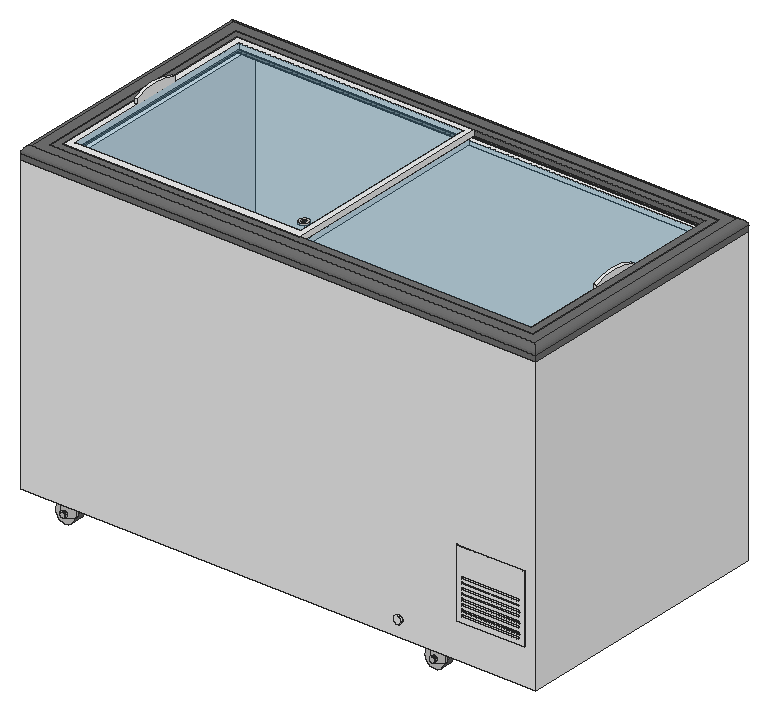
Revit family "Qf_Summit_NOVA45_15 Cu.Ft. Chest Freezer", category Specialty Equipment, Revit 2020
Family settings
  Round Connector Dimension = Use Diameter
  Part Type = Normal
  Work Plane-Based = No
  Always vertical = Yes
  Cut with Voids When Loaded = No
  Shared = No
  Room Calculation Point = No
Parameters
  Weight in Pounds = 135
  Watts = FL Amps * Volts  # 828 W
  Volts = 115 V
  URL Cutsheet = ""
  Specification by User = ""
  Specification by Manufacturer = ""
  Show Clearance [instance] = yes
  Serial Number = ""
  Seismic Rating = ""
  SMACNA No = ""
  Revision Code = ""
  Refrigerant Volume = 0.00 kip
  Refrigerant Type = "R290a"
  Phase = 1
  Number of Poles = 1
  NAFEM Spec ID Number = ""
  Model = "NOVA45"
  Min Ckt Ampacity = 0 A
  Max Overcurrent Protection = 0 A
  Masterspec = ""
  Manufacturer = "Summit"
  Length = 53"
  Item Number = ""
  Installed By = ""
  Identify Quantity as Lot = yes
  Height = 34 1/4"
  HP = ""
  Furnished By = ""
  Foodservice Equipment Identifier = yes
  FL Amps = 7.2 A
  Electrical Remarks = ""
  Electric Connection Type = ""
  Elec Conn RI Height = 0"
  Elec Conn Connection Height = 0"
  Description = "15 Cu.Ft. Chest Freezer"
  Depth = 27 1/4"
  Default Elevation = 0"
  Cycle = 60 Hz
  Conn Plug = ""
  Conn Conduit = yes
  CSI MasterFormat = ""
  Apparent Power = 828 VA
Reference planes (in)
  plane 1: z = 0
  plane 2 "LEFT": x = 0
  plane 3 "RIGHT": x = 53
  plane 4 "FRONT": y = -28
  plane 5 "TOP": z = 34.25
  plane 6 "Center Y": x = 26.5
  plane 7 "Center X": y = -14.375
  plane 8 "BACK": y = -0.75
  plane 9: z = 2.75
  plane 10: x = 0.75
  plane 11: x = 3.71343
  plane 12: x = 41.6875
  plane 13: x = 39.825
  plane 14: x = 31.95
  plane 15: x = 3.125
  plane 16: x = 49.875
  plane 17: z = 5.875
  plane 18: z = 15.625
  plane 19: x = 42
Forms (in)
  Sweep 1, solid, material "QF_Plastic_Dark_Grey"
    path origin (0, 0, 0) x (1, 0, 0) y (0, 1, 0)
      loop
        line (0, -0.75) -> (0, -28) -> (53, -28) -> (53, -0.75) -> (0, -0.75)
    profile origin (0, -14.375, 0) x (1, 0, 0) y (0, 0, 1)
      loop
        line (0, 33) -> (1.7, 33) -> (1.7, 34.25) -> (0.75, 34.25) -> (0.67874, 34.25)
        arc (0.67874, 34.25) -> (0.1988, 34.0512) -> (0, 33.57126) r 0.67874
        line (0, 33.57126) -> (0, 33)
  Extrusion 2, solid, material "QF_Metallic_Paint_White_Smooth"
    sketch origin (0, 0, 0) x (1, 0, 0) y (0, 1, 0)
      loop
        line (3.125, -27) -> (49.875, -27) -> (49.875, -1.75) -> (3.125, -1.75) -> (3.125, -27)
      loop
        line (53, -0.75) -> (0, -0.75) -> (0, -28) -> (53, -28) -> (53, -0.75)
    from 2.75 to 33
  Extrusion 3, solid, material "QF_Metallic_Paint_White_Smooth"
    sketch origin (0, 0, 0) x (1, 0, 0) y (0, 1, 0)
      loop
        line (2.4, -3.15) -> (2.4, -25.6) -> (26.75, -25.6) -> (26.75, -3.15) -> (2.4, -3.15)
      loop
        line (3.075, -3.8) -> (3.075, -24.8) -> (26.25, -24.8) -> (26.25, -3.8) -> (3.075, -3.8)
    from 33.70906 to 34.25
  Extrusion 4, solid, material "Glass"
    sketch origin (0, 0, 0) x (1, 0, 0) y (0, 1, 0)
      loop
        line (3.075, -3.8) -> (3.075, -24.8) -> (26.25, -24.8) -> (26.25, -3.8) -> (3.075, -3.8)
    from 33.63932 to 34.25
  Extrusion 5, solid, material "QF_Metallic_Paint_White_Smooth"
    sketch origin (0, -0.75, 0) x (1, 0, 0) y (0, 0, 1)
      loop
        line (1, 5.875) -> (1, 2.75) -> (52, 2.75) -> (52, 15.625) -> (42, 15.625) -> (42, 5.875) -> (1, 5.875)
    from 1 to 26.25
  Sweep 6, solid, material "QF_Plastic_Dark_Grey"
    path origin (30, 0, 34.27864) x (-1, 0, 0) y (0, -1, 0)
      loop
        line (27.7, 3.05) -> (27.7, 25.7) -> (-20.7, 25.7) -> (-20.7, 3.05) -> (27.7, 3.05)
    profile origin (26.5, -3.05, 34.27864) x (0, 1, 0) y (0, 0, 1)
      loop
        line (-0.1, -0.02864) -> (-0.1, -0.56958) -> (-0.33757, -0.56958) -> (-0.33757, -0.63932) -> (-0.1, -0.63932) -> (-0.1, -1.18026) -> (-0.33757, -1.18026) -> (-0.33757, -1.27864) -> (0.6, -1.27864) -> (0.6, -0.02864) -> (-0.1, -0.02864)
  Extrusion 7, solid, material "QF_Metallic_Paint_White_Smooth"
    sketch origin (30, 0, -0.61068) x (-1, 0, 0) y (0, -1, 0)
      loop
        line (-20.6, 3.15) -> (3.75, 3.15) -> (3.75, 25.45) -> (-20.6, 25.45) -> (-20.6, 3.15)
      loop
        line (-19.925, 3.8) -> (3.25, 3.8) -> (3.25, 24.8) -> (-19.925, 24.8) -> (-19.925, 3.8)
    from 33.70906 to 34.25
  Extrusion 8, solid, material "Glass"
    sketch origin (30, 0, -0.61068) x (-1, 0, 0) y (0, -1, 0)
      loop
        line (-19.925, 3.8) -> (3.25, 3.8) -> (3.25, 24.8) -> (-19.925, 24.8) -> (-19.925, 3.8)
    from 33.70906 to 34.25
  Extrusion 9, solid, material "QF_Metallic_Paint_White_Smooth"
    sketch origin (23.88, 0, 0) x (0, 1, 0) y (0, 0, 1)
      loop
        line (-16.73455, 34.25) -> (-12.01545, 34.25) -> (-12.01545, 34.75)
        arc (-12.01545, 34.75) -> (-14.375, 35.25) -> (-16.73455, 34.75) r 5.8175
        line (-16.73455, 34.75) -> (-16.73455, 34.25)
    from -21.14359 to -20.805
  Extrusion 10, solid, material "QF_Metallic_Paint_White_Smooth"
    sketch origin (6.12, 0, -0.61068) x (0, 1, 0) y (0, 0, -1)
      loop
        line (-16.73455, -34.25) -> (-16.73455, -34.75)
        arc (-16.73455, -34.75) -> (-14.375, -35.25) -> (-12.01545, -34.75) r 5.8175
        line (-12.01545, -34.75) -> (-12.01545, -34.25) -> (-16.73455, -34.25)
    from -44.14359 to -43.805
  Extrusion 11, solid, material "QF_Metallic_Paint_White_Smooth"
    sketch origin (0, -28, 0) x (1, 0, 0) y (0, 0, 1)
      loop
        line (44.875, 13.375) -> (44.875, 6.375) -> (51.875, 6.375) -> (51.875, 13.375) -> (44.875, 13.375)
      loop
        line (45.375, 10.625) -> (45.375, 10.375) -> (51.375, 10.375) -> (51.375, 10.625) -> (45.375, 10.625)
      loop
        line (51.375, 10.125) -> (45.375, 10.125) -> (45.375, 9.875) -> (51.375, 9.875) -> (51.375, 10.125)
      loop
        line (45.375, 9.625) -> (45.375, 9.375) -> (51.375, 9.375) -> (51.375, 9.625) -> (45.375, 9.625)
      loop
        line (51.375, 9.125) -> (45.375, 9.125) -> (45.375, 8.875) -> (51.375, 8.875) -> (51.375, 9.125)
      loop
        line (45.375, 8.625) -> (45.375, 8.375) -> (51.375, 8.375) -> (51.375, 8.625) -> (45.375, 8.625)
      loop
        line (51.375, 8.125) -> (45.375, 8.125) -> (45.375, 7.875) -> (51.375, 7.875) -> (51.375, 8.125)
      loop
        line (45.375, 7.625) -> (45.375, 7.375) -> (51.375, 7.375) -> (51.375, 7.625) -> (45.375, 7.625)
      loop
        line (51.375, 7.125) -> (45.375, 7.125) -> (45.375, 6.875) -> (51.375, 6.875) -> (51.375, 7.125)
    from 0 to 0.03125
  Extrusion 12, solid, material "QF_Metallic_Paint_White_Smooth"
    sketch origin (0, -0.75, 0) x (1, 0, 0) y (0, 0, 1)
      loop
        circle (50, 5.375) r 0.25
    from 0 to -0.23344
  Extrusion 13, solid, material "QF_Metallic_Paint_White_Smooth"
    sketch origin (0, -28, 0) x (1, 0, 0) y (0, 0, 1)
      loop
        circle (38.875, 4.375) r 0.40028
    from 0 to 0.15886
  Extrusion 14, solid, material "QF_Metal - Stainless - Polished"
    sketch origin (0.07561, 0.09001, 34.25) x (1, 0, 0) y (0, 1, 0)
      loop
        circle (25.42439, -23.52751) r 0.5
      loop
        circle (25.42439, -23.52751) r 0.25
      loop
        arc (25.45564, -23.57767) -> (25.42439, -23.46841) -> (25.39314, -23.57767) r 0.0591
        line (25.39314, -23.57767) -> (25.39314, -23.72445)
        arc (25.39314, -23.72445) -> (25.42439, -23.7557) -> (25.45564, -23.72445) r 0.03125
        line (25.45564, -23.72445) -> (25.45564, -23.57767)
    from 0.04239 to -0.05358
Cuts and joins
  joined: Extrusion 2, Extrusion 5, Extrusion 11, Extrusion 12
  joined: Extrusion 3, Extrusion 9
  joined: Extrusion 7, Extrusion 10
Lines and regions (in)
  Split face 1
    outline origin (44.875, -28.03125, 13.375) x (-1, 0, 0) y (0, 0, -1)
      loop
        arc (-2, 1.7125) -> (-2.02929, 1.78321) -> (-2.1, 1.8125) r 0.1
        line (-2.1, 1.8125) -> (-4.9, 1.8125)
        arc (-4.9, 1.8125) -> (-4.97071, 1.78321) -> (-5, 1.7125) r 0.1
        line (-5, 1.7125) -> (-5, 0.6)
        arc (-5, 0.6) -> (-4.97071, 0.52929) -> (-4.9, 0.5) r 0.1
        line (-4.9, 0.5) -> (-2.1, 0.5)
        arc (-2.1, 0.5) -> (-2.02929, 0.52929) -> (-2, 0.6) r 0.1
        line (-2, 0.6) -> (-2, 1.7125)
  Split face 2
    outline origin (44.875, -28.03125, 13.375) x (-1, 0, 0) y (0, 0, -1)
      loop
        line (-2.625, 0.6875) -> (-2.625, 1.375) -> (-4.374, 1.375) -> (-4.374, 0.6875) -> (-2.625, 0.6875)
  Split face 3
    outline origin (44.875, -28.03125, 13.375) x (-1, 0, 0) y (0, 0, -1)
      loop
        arc (-2.4061, 0.67406) -> (-2.3125, 0.54855) -> (-2.2189, 0.67406) r 0.09766
        arc (-2.2189, 0.67406) -> (-2.24545, 0.75668) -> (-2.26367, 0.84152) r 0.87424
        line (-2.26367, 0.84152) -> (-2.26974, 0.93917) -> (-2.35526, 0.93917) -> (-2.36133, 0.84152)
        arc (-2.36133, 0.84152) -> (-2.37955, 0.75668) -> (-2.4061, 0.67406) r 0.87424
  Split face 4
    outline origin (44.875, -28.03125, 13.375) x (-1, 0, 0) y (0, 0, -1)
      loop
        line (-4.59026, 0.82885) -> (-4.6875, 0.81322) -> (-4.78474, 0.82885) -> (-4.6875, 0.66041) -> (-4.59026, 0.82885)
  Split face 5
    outline origin (44.875, -28.03125, 13.375) x (-1, 0, 0) y (0, 0, -1)
      loop
        line (-4.6875, 1.09273) -> (-4.59026, 1.07711) -> (-4.6875, 1.24554) -> (-4.78474, 1.07711) -> (-4.6875, 1.09273)
  Split face 6
    outline origin (44.875, -28.03125, 13.375) x (-1, 0, 0) y (0, 0, -1)
      loop
        arc (-4.67187, 1.54954) -> (-4.6875, 1.73573) -> (-4.70312, 1.54954) r 0.09375
        line (-4.70312, 1.54954) -> (-4.70312, 1.48913) -> (-4.67187, 1.48913) -> (-4.67187, 1.54954)
  symbolic lines
    curve 1: line (0, -0.75, 0) -> (53, -0.75, 0)
    curve 2: line (0, -28, 0) -> (0, -0.75, 0)
    curve 3: line (53, -28, 0) -> (0, -28, 0)
    curve 4: line (53, -0.75, 0) -> (53, -28, 0)
    curve 5: line (1.7, -26.3, 0) -> (51.3, -26.3, 0)
    curve 6: line (1.7, -2.45, 0) -> (1.7, -26.3, 0)
    curve 7: line (51.3, -2.45, 0) -> (1.7, -2.45, 0)
    curve 8: line (51.3, -26.3, 0) -> (51.3, -2.45, 0)
    curve 9: line (49.925, -3.8, 0) -> (26.75, -3.8, 0)
    curve 10: line (3.075, -3.8, 0) -> (3.075, -24.8, 0)
    curve 11: line (3.075, -24.8, 0) -> (26.25, -24.8, 0)
    curve 12: line (49.925, -24.8, 0) -> (49.925, -3.8, 0)
    curve 13: line (26.75, -25.6, 0) -> (26.75, -3.15, 0)
    curve 14: line (26.25, -24.8, 0) -> (26.25, -3.8, 0)
    curve 15: line (2.4, -3.15, 0) -> (2.4, -25.6, 0)
    curve 16: line (2.4, -25.6, 0) -> (50.6, -25.6, 0)
    curve 17: line (50.6, -25.6, 0) -> (50.6, -3.15, 0)
    curve 18: line (50.6, -3.15, 0) -> (2.4, -3.15, 0)
    curve 19: arc (26, -23.4375, 0) -> (25.5, -22.9375, 0) -> (25, -23.4375, 0) r 0.5
    curve 20: arc (25.25, -23.4375, 0) -> (25.5, -23.1875, 0) -> (25.75, -23.4375, 0) r 0.25
    curve 21: arc (25, -23.4375, 0) -> (25.5, -23.9375, 0) -> (26, -23.4375, 0) r 0.5
    curve 22: arc (25.75, -23.4375, 0) -> (25.5, -23.6875, 0) -> (25.25, -23.4375, 0) r 0.25
    curve 23: line (25.46875, -23.48766, 0) -> (25.46875, -23.63444, 0)
    curve 24: arc (25.46875, -23.63444, 0) -> (25.5, -23.66569, 0) -> (25.53125, -23.63444, 0) r 0.03125
    curve 25: line (25.53125, -23.63444, 0) -> (25.53125, -23.48766, 0)
    curve 26: arc (25.53125, -23.48766, 0) -> (25.5, -23.3784, 0) -> (25.46875, -23.48766, 0) r 0.0591
    curve 27: line (50.26359, -12.01545, 0) -> (49.925, -12.01545, 0)
    curve 28: line (49.925, -12.01545, 0) -> (49.925, -16.73455, 0)
    curve 29: line (49.925, -16.73455, 0) -> (50.26359, -16.73455, 0)
    curve 30: line (2.73641, -12.01545, 0) -> (2.73641, -16.73455, 0)
    curve 31: line (2.73641, -16.73455, 0) -> (3.075, -16.73455, 0)
    curve 32: line (3.075, -16.73455, 0) -> (3.075, -12.01545, 0)
    curve 33: line (3.075, -12.01545, 0) -> (2.73641, -12.01545, 0)
    curve 34: line (26.25, -3.8, 0) -> (3.075, -3.8, 0)
    curve 35: line (26.75, -24.8, 0) -> (49.925, -24.8, 0)
    curve 36: line (1, -1.75, 0) -> (1, -27, 0)
    curve 37: line (1, -27, 0) -> (52, -27, 0)
    curve 38: line (52, -1.75, 0) -> (52, -27, 0)
    curve 39: line (52, -1.75, 0) -> (1, -1.75, 0)
    curve 40: line (50.26359, -12.01545, 0) -> (50.26359, -16.73455, 0)
    curve 41: line (42, -3.8, 0) -> (42, -24.8, 0)
Dimensions and locks (in)
  equal spacing: plane 2 "LEFT", plane 6 "Center Y", plane 3 "RIGHT"
  "Length": plane 2 "LEFT" to plane 3 "RIGHT"
  equal spacing: plane 4 "FRONT", plane 7 "Center X", plane 8 "BACK"
  "Height": plane 5 "TOP" to level
  plane 3 "RIGHT" to plane 2 "LEFT" = 53"
  plane 5 "TOP" to level = 34 1/4"  (x2)
  "Depth": plane 4 "FRONT" to plane 8 "BACK"
  plane 9 to level = 2 3/4"
  locked: plane 11 to plane 2 "LEFT" at 3.71343
  locked: plane 3 "RIGHT" to plane 12 at 11.3125
  curve 34 to curve 11 = 21"
  plane 5 "TOP" to cut or joined group of Extrusion 2, Extrusion 5, Extrusion 11, Extrusion 12 = 31 1/2"
  Extrusion 2 sketch curve to plane 3 "RIGHT" = 3 1/8"
  plane 13 to Extrusion 5 sketch curve = 2.175"
  locked: Extrusion 5 sketch curve to plane 3 "RIGHT" at 1
  locked: Sweep 6 sketch curve to plane 3 "RIGHT" at 2.3
  Extrusion 3 sketch curve to plane 6 "Center Y" to Extrusion 3 sketch curve = 1/4" locked, 1/4" locked
  cut or joined group of Extrusion 7, Extrusion 10 to cut or joined group of Extrusion 7, Extrusion 10 to cut or joined group of Extrusion 7, Extrusion 10 to plane 3 "RIGHT" = 0" locked, 0.33859", 2.73641"
  cut or joined group of Extrusion 7, Extrusion 10 to cut or joined group of Extrusion 7, Extrusion 10 = 21"
  plane 15 to plane 16 = 46 3/4"
  locked: plane 18 to plane 17 at 9.75
  plane 17 to level = 5 7/8"
  locked: plane 16 to plane 19 at 7.875
  aligned and locked: level to plane 1
  aligned and locked: nested 1 to plane 11
  aligned and locked: nested 2 to plane 11
  aligned and locked: nested 3 to plane 12
  aligned and locked: nested 4 to plane 12
  aligned and locked: Extrusion 3 to Extrusion 4  (x3)
  aligned and locked: Extrusion 8 to Extrusion 7  (x3)
  aligned and locked: Extrusion 2 sketch curve to plane 3 "RIGHT"
  aligned and locked: Sweep 1 sketch curve to plane 3 "RIGHT"
  aligned and locked: cut or joined group of Extrusion 7, Extrusion 10 to cut or joined group of Extrusion 7, Extrusion 10
  aligned and locked: cut or joined group of Extrusion 2, Extrusion 5, Extrusion 11, Extrusion 12 to plane 19
  aligned and locked: plane 18 to cut or joined group of Extrusion 2, Extrusion 5, Extrusion 11, Extrusion 12
  aligned and locked: cut or joined group of Extrusion 2, Extrusion 5, Extrusion 11, Extrusion 12 to plane 16
  aligned and locked: cut or joined group of Extrusion 2, Extrusion 5, Extrusion 11, Extrusion 12 to plane 15
Automatic sketch dimensions
  Extrusion 9 sketch curve to plane 5 "TOP" = 0"
  Extrusion 9 sketch curve to plane 7 "Center X" = 0"
  Extrusion 9 sketch curve to plane 7 "Center X" = 2.35955"
  plane 5 "TOP" to Extrusion 9 sketch curve = 1/2"
  plane 7 "Center X" to Extrusion 9 sketch curve = 2.35955"
  Extrusion 9 sketch curve to plane 5 "TOP" = 4.8175"
  Extrusion 10 sketch curve to plane 5 "TOP" = 0.61068"
  Extrusion 10 sketch curve to plane 7 "Center X" = 0"
  Extrusion 10 sketch curve to plane 7 "Center X" = 2.35955"
  Extrusion 10 sketch curve to plane 5 "TOP" = 0.11068"
  plane 7 "Center X" to Extrusion 10 sketch curve = 2.35955"
  Extrusion 10 sketch curve to plane 5 "TOP" = 5.42818"
  Sweep 1 sketch curve to plane 2 "LEFT" = 0"
  plane 4 "FRONT" to Sweep 1 sketch curve = 0"
  plane 8 "BACK" to Sweep 1 sketch curve = 0"
  profile plane to Sweep 1 sketch curve = 0"
  plane 10 to Sweep 1 sketch curve = 0"
  Sweep 1 sketch curve to Sweep 1 sketch curve = 0.07126"
  Sweep 1 sketch curve to plane 10 = 0.95"
  level to Sweep 1 sketch curve = 33"
  Sweep 1 sketch curve to Sweep 1 sketch curve = 0.57126"
  Extrusion 2 sketch curve to plane 2 "LEFT" = 0"
  plane 4 "FRONT" to Extrusion 2 sketch curve = 0"
  plane 8 "BACK" to Extrusion 2 sketch curve = 0"
  Extrusion 2 sketch curve to plane 4 "FRONT" = 1"
  plane 8 "BACK" to Extrusion 2 sketch curve = 1"
  Extrusion 3 sketch curve to plane 11 = 0.63843"
  Extrusion 3 sketch curve to plane 4 "FRONT" = 2.4"
  Extrusion 3 sketch curve to Extrusion 3 sketch curve = 0.8"
  plane 8 "BACK" to Extrusion 3 sketch curve = 3.05"
  Extrusion 3 sketch curve to Extrusion 3 sketch curve = 0.65"
  Extrusion 4 sketch curve to plane 11 = 0.63843"
  Extrusion 4 sketch curve to plane 6 "Center Y" = 1/4"
  Extrusion 4 sketch curve to plane 4 "FRONT" = 3.2"
  plane 8 "BACK" to Extrusion 4 sketch curve = 3.05"
  Extrusion 5 sketch curve to plane 9 = 0"
  Extrusion 5 sketch curve to Extrusion 5 sketch curve = 3 1/8"
  Extrusion 5 sketch curve to Extrusion 5 sketch curve = 12 7/8"
  plane 8 "BACK" to Sweep 6 sketch curve = 2.3"
  Sweep 6 sketch curve to plane 4 "FRONT" = 2.3"
  profile plane to Sweep 6 sketch curve = 0.33757"  (x2)
  profile plane to Sweep 6 sketch curve = 0.1"
  Sweep 6 sketch curve to Sweep 6 sketch curve = 0"
  Sweep 6 sketch curve to profile plane = 0.02864"
  Sweep 6 sketch curve to profile plane = 0.6"
  Sweep 6 sketch curve to profile plane = 0.56958"
  Sweep 6 sketch curve to Sweep 6 sketch curve = 0.06974"
  Sweep 6 sketch curve to Sweep 6 sketch curve = 0.54094"
  Sweep 6 sketch curve to Sweep 6 sketch curve = 0.09838"
  Extrusion 7 sketch curve to Extrusion 7 sketch curve = 0.675"
  Extrusion 7 sketch curve to plane 6 "Center Y" = 1/4"
  plane 6 "Center Y" to Extrusion 7 sketch curve = 1/4"
  plane 4 "FRONT" to Extrusion 7 sketch curve = 2.55"
  Extrusion 7 sketch curve to Extrusion 7 sketch curve = 0.65"  (x2)
  Extrusion 7 sketch curve to plane 8 "BACK" = 3.05"
  Extrusion 8 sketch curve to plane 6 "Center Y" = 1/4"
  plane 4 "FRONT" to Extrusion 8 sketch curve = 3.2"
  Extrusion 8 sketch curve to plane 8 "BACK" = 3.05"
  Extrusion 11 sketch curve to Extrusion 11 sketch curve = 1/2"  (x4)
  Extrusion 11 sketch curve to Extrusion 11 sketch curve = 0"  (x13)
  Extrusion 11 sketch curve to Extrusion 11 sketch curve = 1/4"  (x15)
  Extrusion 11 sketch curve to Extrusion 11 sketch curve = 2 3/4"
  cut or joined group of Extrusion 2, Extrusion 5, Extrusion 11, Extrusion 12 to Split face 1 sketch curve = 1 1/2"
  Split face 1 sketch curve to Split face 1 sketch curve = 0.1"  (x3)
  Split face 1 sketch curve to cut or joined group of Extrusion 2, Extrusion 5, Extrusion 11, Extrusion 12 = 0.6"
  cut or joined group of Extrusion 2, Extrusion 5, Extrusion 11, Extrusion 12 to Split face 1 sketch curve = 1.6"
  Split face 1 sketch curve to Split face 1 sketch curve = 0"
  Split face 1 sketch curve to cut or joined group of Extrusion 2, Extrusion 5, Extrusion 11, Extrusion 12 = 1.0375"
  Split face 2 sketch curve to cut or joined group of Extrusion 2, Extrusion 5, Extrusion 11, Extrusion 12 = 11/16"
  cut or joined group of Extrusion 2, Extrusion 5, Extrusion 11, Extrusion 12 to Split face 2 sketch curve = 2.126"
  Split face 2 sketch curve to Split face 2 sketch curve = 1.749"
  Split face 2 sketch curve to Split face 2 sketch curve = 11/16"
  Split face 3 sketch curve to cut or joined group of Extrusion 2, Extrusion 5, Extrusion 11, Extrusion 12 = 0.98248"
  cut or joined group of Extrusion 2, Extrusion 5, Extrusion 11, Extrusion 12 to Split face 3 sketch curve = 2.72413"
  Split face 3 sketch curve to cut or joined group of Extrusion 2, Extrusion 5, Extrusion 11, Extrusion 12 = 0.84152"  (x2)
  Split face 3 sketch curve to Split face 3 sketch curve = 0.8628"
  Split face 3 sketch curve to Split face 3 sketch curve = 0.00606"
  Split face 3 sketch curve to Split face 3 sketch curve = 0.04883"
  Split face 3 sketch curve to Split face 3 sketch curve = 0.08553"
  Split face 3 sketch curve to Split face 3 sketch curve = 25/256"  (x2)
  Split face 3 sketch curve to Split face 3 sketch curve = 0.86886"
  Split face 3 sketch curve to Split face 3 sketch curve = 25/128"
  Split face 3 sketch curve to Split face 3 sketch curve = 0.04331"
  Split face 3 sketch curve to Split face 3 sketch curve = 0.0936"
  Split face 4 sketch curve to cut or joined group of Extrusion 2, Extrusion 5, Extrusion 11, Extrusion 12 = 0.82885"  (x2)
  cut or joined group of Extrusion 2, Extrusion 5, Extrusion 11, Extrusion 12 to Split face 4 sketch curve = 1.71526"
  Split face 4 sketch curve to cut or joined group of Extrusion 2, Extrusion 5, Extrusion 11, Extrusion 12 = 0.66041"
  Split face 4 sketch curve to Split face 4 sketch curve = 0.09724"  (x3)
  Split face 4 sketch curve to cut or joined group of Extrusion 2, Extrusion 5, Extrusion 11, Extrusion 12 = 0.81322"
  cut or joined group of Extrusion 2, Extrusion 5, Extrusion 11, Extrusion 12 to Split face 5 sketch curve = 1.71526"
  Split face 5 sketch curve to Split face 5 sketch curve = 0.09724"  (x2)
  Split face 5 sketch curve to Split face 5 sketch curve = 0"  (x2)
  Split face 5 sketch curve to cut or joined group of Extrusion 2, Extrusion 5, Extrusion 11, Extrusion 12 = 1.07711"
  Split face 5 sketch curve to Split face 5 sketch curve = 1/64"
  Split face 5 sketch curve to Split face 5 sketch curve = 0.15281"
  cut or joined group of Extrusion 2, Extrusion 5, Extrusion 11, Extrusion 12 to Split face 6 sketch curve = 1 51/64"
  Split face 6 sketch curve to Split face 6 sketch curve = 1/64"
  Split face 6 sketch curve to Split face 6 sketch curve = 1/32"
  Split face 6 sketch curve to cut or joined group of Extrusion 2, Extrusion 5, Extrusion 11, Extrusion 12 = 1.26087"
  Split face 6 sketch curve to Split face 6 sketch curve = 0.06041"
  Split face 6 sketch curve to Split face 6 sketch curve = 0.09244"
  Extrusion 12 sketch curve to plane 9 = 2 5/8"
  Extrusion 14 sketch curve to Extrusion 14 sketch curve = 0"  (x6)
  Extrusion 14 sketch curve to Extrusion 4 = 25/32"
  Extrusion 14 sketch curve to Extrusion 14 sketch curve = 1/32"  (x2)
  Extrusion 14 sketch curve to Extrusion 4 = 1.16556"
  Extrusion 14 sketch curve to Extrusion 14 sketch curve = 0.14678"
  Extrusion 14 sketch curve to Extrusion 14 sketch curve = 0.05016"
  plane 17 to Extrusion 11 sketch curve = 1/2"
  plane 19 to Extrusion 11 sketch curve = 2 7/8"
  Extrusion 2 sketch curve to plane 15 = 0"
  plane 15 to Extrusion 3 sketch curve = 0.725"
  plane 2 "LEFT" to Extrusion 5 sketch curve = 1"
  plane 15 to Sweep 6 sketch curve = 0.825"
  Extrusion 7 sketch curve to plane 16 = 0.05"
  Extrusion 8 sketch curve to plane 16 = 0.05"
  plane 16 to Extrusion 11 sketch curve = 1 1/2"
  plane 16 to Extrusion 12 sketch curve = 1/8"
  curve 19 to curve 20 = 0"
  curve 19 to curve 22 = 0"
  curve 19 to curve 26 = 0"  (x2)
  curve 3 to plane 2 "LEFT" = 0"
  curve 41 to plane 19 = 0"
  curve 3 to plane 3 "RIGHT" = 0"
  plane 4 "FRONT" to curve 4 = 0"
  plane 8 "BACK" to curve 2 = 0"
  plane 2 "LEFT" to curve 37 = 1"
  curve 36 to curve 7 = 0.7"
  plane 15 to curve 15 = 0.725"
  plane 15 to curve 31 = 0.38859"
  plane 15 to curve 10 = 0.05"
  plane 15 to curve 32 = 0.05"
  curve 23 to plane 6 "Center Y" = 1 1/32"
  curve 26 to curve 19 = 1/32"
  curve 23 to curve 24 = 1/32"
  curve 14 to plane 6 "Center Y" = 1/4"
  plane 16 to curve 28 = 0.05"
  plane 16 to curve 35 = 0.05"
  curve 28 to curve 29 = 0.33859"
  plane 16 to curve 17 = 0.725"
  curve 16 to curve 8 = 0.7"
  curve 5 to curve 38 = 0.7"
  curve 38 to plane 4 "FRONT" = 1"
  curve 37 to curve 5 = 0.7"
  curve 5 to curve 16 = 0.7"
  curve 15 to curve 10 = 0.8"
  curve 16 to curve 12 = 0.8"
  curve 11 to curve 25 = 1.16556"
  curve 23 to curve 23 = 0.14678"
  curve 25 to curve 26 = 0.05016"
  curve 31 to plane 7 "Center X" = 2.35955"
  curve 40 to plane 7 "Center X" = 2.35955"
  plane 7 "Center X" to curve 40 = 2.35955"
  plane 7 "Center X" to curve 33 = 2.35955"
  plane 8 "BACK" to curve 9 = 3.05"
  curve 10 to curve 15 = 0.65"
  curve 15 to curve 6 = 0.7"
  curve 7 to curve 38 = 0.7"
  curve 19 to curve 23 = 15/32"
  curve 20 to curve 23 = 7/32"
  plane 6 "Center Y" to curve 35 = 1/4"
  radius of Extrusion 12 sketch curve = 1/4"
  radius of Extrusion 14 sketch curve = 1/2"
  radius of Extrusion 14 sketch curve = 1/4"
Nested families (in)
  nested 1: "2-34 INCHES_CASTER" at (3.71343, -25.875, 0) x (0, -1, 0) z (0, 0, 1), type "2-34 INCHES_CASTER"
    with Type Mark "", Specification by User "", Show 4.25" Casters yes, Right Lock yes, Revision Code "", Left Lock yes, Item Number "", Installed By "", Identify Quantity as Lot yes, Furnished By "", Foodservice Equipment Identifier yes
  nested 2: "2-34 INCHES_CASTER" at (3.71343, -2.875, 0) x (0, -1, 0) z (0, 0, 1), type "2-34 INCHES_CASTER"
    with Type Mark "", Specification by User "", Show 4.25" Casters yes, Right Lock yes, Revision Code "", Left Lock yes, Item Number "", Installed By "", Identify Quantity as Lot yes, Furnished By "", Foodservice Equipment Identifier yes
  nested 3: "2-34 INCHES_CASTER" at (41.6875, -25.875, 0) x (0, -1, 0) z (0, 0, 1), type "2-34 INCHES_CASTER"
    with Type Mark "", Specification by User "", Show 4.25" Casters yes, Right Lock yes, Revision Code "", Left Lock yes, Item Number "", Installed By "", Identify Quantity as Lot yes, Furnished By "", Foodservice Equipment Identifier yes
  nested 4: "2-34 INCHES_CASTER" at (41.6875, -2.875, 0) x (0, -1, 0) z (0, 0, 1), type "2-34 INCHES_CASTER"
    with Type Mark "", Specification by User "", Show 4.25" Casters yes, Right Lock yes, Revision Code "", Left Lock yes, Item Number "", Installed By "", Identify Quantity as Lot yes, Furnished By "", Foodservice Equipment Identifier yes
Connectors (in)
  electrical at (50, -0.51656, 5.375)
    settings: on cut or joined group of Extrusion 2, Extrusion 5, Extrusion 11, Extrusion 12, index 1, voltage 0 V, apparent load 0 VA, apparent load phase1 0 VA, apparent load phase2 0 VA, apparent load phase3 0 VA, power factor 1, load classification "Other", number of poles 1, system type 31, power factor state 1, is connector primary yes, connector utility no, sub classification motor no, connector description ""
  piping at (38.875, -28.15886, 4.375), diameter 0.75
    settings: on Extrusion 13, index 2, connector inside diameter 24", connector length 0", flow factor 0, pipe flow 0 GPM, pressure drop 0.00 psi, fitting loss kfactor 0, connector angle 0.00°, fixture units 0, engagement length 0", angle of deflection 0.00°, flow configuration 1, flow direction 2, fitting loss method 0, system type 16, joint type 0, gender type 0, connector reference index -1, connector utility 0, adjustable connector no, is connector primary yes, connector description "Drain"
Definition of nested family "2-34 INCHES_CASTER"
  Parameters (values of type "2-34 INCHES_CASTER")
    Weight = ""
    URL Manufacturer = ""
    URL Cutsheet = ""
    URL = ""
    Type Mark [instance] = ""
    Specification by User [instance] = ""
    Specification by Manufacturer = ""
    Show 4.25" Casters [instance] = yes
    Serial Number = ""
    Seismic Rating = ""
    SMACNA No = ""
    Right Lock [instance] = yes
    Revision Code [instance] = ""
    Omniclass Number and Title = ""
    NAFEM Spec ID Number = ""
    Model = ""
    MasterSpec. = ""
    Manufacturer = ""
    Left Lock [instance] = yes
    Item Number [instance] = ""
    Installed By [instance] = ""
    Identify Quantity as Lot [instance] = yes
    Furnished By [instance] = ""
    Foodservice Equipment Identifier [instance] = yes
    Description = ""
    Default Elevation = 0"
    CSI MasterFormat = ""
    CSI Master Format = ""
    Assembly Code = ""
  Reference planes (in)
    plane 1: z = 0
    plane 2 "RIGHT": x = 0
    plane 3 "FRONT": y = 0
    plane 4 "TOP": z = 2.74
    plane 5: z = 2.74
  Forms (in)
    Extrusion 1, solid, visible <- "Show 4.25" Casters"
      sketch origin (-0.60795, -3.50665, 0) x (0, 1, 0) y (0, 0, 1)
        loop
          arc (4.4375, 2.09375) -> (4.42835, 2.11585) -> (4.40625, 2.125) r 0.03125
          line (4.40625, 2.125) -> (4.34375, 2.125)
          arc (4.34375, 2.125) -> (4.32165, 2.13415) -> (4.3125, 2.15625) r 0.03125
          line (4.3125, 2.15625) -> (4.3125, 2.59375)
          arc (4.3125, 2.59375) -> (4.32165, 2.61585) -> (4.34375, 2.625) r 0.03125
          line (4.34375, 2.625) -> (4.625, 2.625) -> (4.625, 2.75) -> (2.625, 2.75) -> (2.625, 2.625) -> (2.90625, 2.625)
          arc (2.90625, 2.625) -> (2.92835, 2.61585) -> (2.9375, 2.59375) r 0.03125
          line (2.9375, 2.59375) -> (2.9375, 2.15625)
          arc (2.9375, 2.15625) -> (2.92835, 2.13415) -> (2.90625, 2.125) r 0.03125
          line (2.90625, 2.125) -> (2.84375, 2.125)
          arc (2.84375, 2.125) -> (2.82165, 2.11585) -> (2.8125, 2.09375) r 0.03125
          line (2.8125, 2.09375) -> (2.8125, 0.75)
          arc (2.8125, 0.75) -> (2.84911, 0.66161) -> (2.9375, 0.625) r 0.125
          line (2.9375, 0.625) -> (3.3125, 0.625) -> (4.35203, 0.97151)
          arc (4.35203, 0.97151) -> (4.41391, 1.01701) -> (4.4375, 1.09009) r 0.125
          line (4.4375, 1.09009) -> (4.4375, 2.09375)
      from 0 to -0.09291
    Extrusion 2, solid, visible <- "Show 4.25" Casters"
      sketch origin (-0.60795, -3.50665, 0) x (0, 1, 0) y (0, 0, 1)
        loop
          line (4.625, 2.75) -> (2.625, 2.75) -> (2.625, 2.625) -> (4.625, 2.625) -> (4.625, 2.75)
      from 0 to 1.2159
    Extrusion 3, solid, visible <- "Show 4.25" Casters"
      sketch origin (-0.60795, -3.50665, 0) x (0, 1, 0) y (0, 0, 1)
        loop
          line (3.46896, 1.1625) -> (3.1875, 1.325) -> (2.90604, 1.1625) -> (2.90604, 0.8375) -> (3.1875, 0.675) -> (3.46896, 0.8375) -> (3.46896, 1.1625)
      from -0.27106 to -0.09291
    Extrusion 4, solid, visible <- "Show 4.25" Casters"
      sketch origin (-0.60795, -3.50665, 0) x (0, 1, 0) y (0, 0, 1)
        loop
          circle (3.1875, 1) r 0.28146
      from -0.31535 to 1.53554
    Extrusion 5, solid, visible <- "Show 4.25" Casters"
      sketch origin (-0.60795, -3.50665, 0) x (0, 1, 0) y (0, 0, 1)
        loop
          circle (3.1875, 1) r 1
      from 0.03554 to 1.18465
    Extrusion 6, solid, visible <- "Show 4.25" Casters"
      sketch origin (-0.60795, -3.50665, 0) x (0, 1, 0) y (0, 0, 1)
        loop
          line (2.90625, 2.125) -> (2.84375, 2.125)
          arc (2.84375, 2.125) -> (2.82165, 2.11585) -> (2.8125, 2.09375) r 0.03125
          line (2.8125, 2.09375) -> (4.4375, 2.09375)
          arc (4.4375, 2.09375) -> (4.42835, 2.11585) -> (4.40625, 2.125) r 0.03125
          line (4.40625, 2.125) -> (4.34375, 2.125)
          arc (4.34375, 2.125) -> (4.32165, 2.13415) -> (4.3125, 2.15625) r 0.03125
          line (4.3125, 2.15625) -> (4.3125, 2.59375)
          arc (4.3125, 2.59375) -> (4.32165, 2.61585) -> (4.34375, 2.625) r 0.03125
          line (4.34375, 2.625) -> (2.90625, 2.625)
          arc (2.90625, 2.625) -> (2.92835, 2.61585) -> (2.9375, 2.59375) r 0.03125
          line (2.9375, 2.59375) -> (2.9375, 2.15625)
          arc (2.9375, 2.15625) -> (2.92835, 2.13415) -> (2.90625, 2.125) r 0.03125
      from 0 to 1.2159
    Extrusion 7, solid, visible <- "Show 4.25" Casters"
      sketch origin (0.60795, -3.50665, 0) x (0, 1, 0) y (0, 0, -1)
        loop
          line (4.4375, -2.09375) -> (4.4375, -1.09009)
          arc (4.4375, -1.09009) -> (4.41391, -1.01701) -> (4.35203, -0.97151) r 0.125
          line (4.35203, -0.97151) -> (3.3125, -0.625) -> (2.9375, -0.625)
          arc (2.9375, -0.625) -> (2.84911, -0.66161) -> (2.8125, -0.75) r 0.125
          line (2.8125, -0.75) -> (2.8125, -2.09375)
          arc (2.8125, -2.09375) -> (2.82165, -2.11585) -> (2.84375, -2.125) r 0.03125
          line (2.84375, -2.125) -> (2.90625, -2.125)
          arc (2.90625, -2.125) -> (2.92835, -2.13415) -> (2.9375, -2.15625) r 0.03125
          line (2.9375, -2.15625) -> (2.9375, -2.59375)
          arc (2.9375, -2.59375) -> (2.92835, -2.61585) -> (2.90625, -2.625) r 0.03125
          line (2.90625, -2.625) -> (2.625, -2.625) -> (2.625, -2.75) -> (4.625, -2.75) -> (4.625, -2.625) -> (4.34375, -2.625)
          arc (4.34375, -2.625) -> (4.32165, -2.61585) -> (4.3125, -2.59375) r 0.03125
          line (4.3125, -2.59375) -> (4.3125, -2.15625)
          arc (4.3125, -2.15625) -> (4.32165, -2.13415) -> (4.34375, -2.125) r 0.03125
          line (4.34375, -2.125) -> (4.40625, -2.125)
          arc (4.40625, -2.125) -> (4.42835, -2.11585) -> (4.4375, -2.09375) r 0.03125
      from 0 to -0.09291
    Extrusion 8, solid, visible <- "Show 4.25" Casters"
      sketch origin (0.60795, -3.50665, 0) x (0, 1, 0) y (0, 0, -1)
        loop
          line (3.46896, -1.1625) -> (3.46896, -0.8375) -> (3.1875, -0.675) -> (2.90604, -0.8375) -> (2.90604, -1.1625) -> (3.1875, -1.325) -> (3.46896, -1.1625)
      from -0.27106 to -0.09291
  Cuts and joins
    joined: Extrusion 1, Extrusion 2, Extrusion 3, Extrusion 4, Extrusion 5, Extrusion 6, Extrusion 7, Extrusion 8
  Lines and regions (in)
    symbolic lines, visible <- "Show 4.25" Casters"
      curve 1: line (0.28481, 1.83041, 0) -> (1.24556, 1.27572, 0)
      curve 2: line (-1.26206, -0.84886, 0) -> (0.28481, 1.83041, 0)
      curve 3: line (-0.30132, -1.40355, 0) -> (-1.26206, -0.84886, 0)
      curve 4: line (1.24556, 1.27572, 0) -> (-0.30132, -1.40355, 0)
  Dimensions and locks (in)
    plane 4 "TOP" to level = 2.74"  (x2)
    aligned and locked: level to plane 1
    aligned and locked: Extrusion 6 to Extrusion 7
    aligned and locked: Extrusion 2 to Extrusion 7
